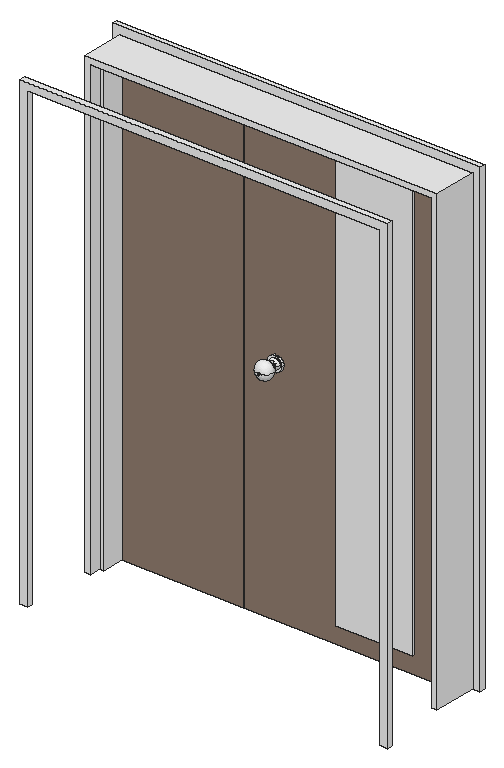
Revit family
Parameters (values of type "900x2100")
  swing_angle [instance] = 90.00°
  decoration_material = Metal_door_frame
  Seond_door_panel_width = Second_door_width - 25 mm  # 575 mm
  Second_door_width = 600 mm
  Panel_Material = Panel_Door_frame
  Handel_Material = Metal_door_frame
  Frame_material = Metal_door_frame
  Frame Projection Ext. = 25 mm
  Frame Projection Int. = 25 mm
  Frame Width = 35 mm
  Height = 2100 mm
  Wall Closure = (empty or 0)
  Width = 1600 mm
  Door_Panel_Width = Width - (Second_door_width) - 25 mm  # 975 mm
  Assembly Code = ""
Types (3, lengths in mm): name | decoration_material | Panel_Material | Handel_Material | Frame_material | Width | Door_Panel_Width
  1000x2100 | none | none | none | none | 1000 | 375
  900x2100 | Metal_door_frame | Panel_Door_frame | Metal_door_frame | Metal_door_frame | 1600 | 975
  1600x2100 | Metal_door_frame | Panel_Door_frame | Metal_door_frame | Metal_door_frame | 1600 | 975
Reference planes
  plane 1: y = 0
  plane 2 "Center (Left/Right)": x = 0
  plane 3 "Left": x = -800
  plane 4 "Right": x = 800
  plane 5: z = 2100
  plane 6 "Exterior": y = 250
  plane 7 "Interior": y = -250
  plane 8 "handle": z = 1050
  plane 9: x = -200
Forms (mm)
  Extrusion 1, solid, material "Metal_door_frame" <- "Frame_material"
    sketch origin (-3050, -250, 0) x (1, 0, 0) y (0, 0, 1)
      loop
        line (2215, 0) -> (2250, 0) -> (2250, 2100) -> (3850, 2100) -> (3850, 0) -> (3885, 0) -> (3885, 2135) -> (2215, 2135) -> (2215, 0)
    from 0 to 25
  Extrusion 2, solid, material "Metal_door_frame" <- "Frame_material"
    sketch origin (-3050, 250, 0) x (-1, 0, 0) y (0, 0, 1)
      loop
        line (-2250, 0) -> (-2215, 0) -> (-2215, 2135) -> (-3885, 2135) -> (-3885, 0) -> (-3850, 0) -> (-3850, 2100) -> (-2250, 2100) -> (-2250, 0)
    from 0 to 25
  Sweep 3, solid, material "Metal_door_frame" <- "Frame_material"
    path origin (0, 250, 0) x (1, 0, 0) y (0, 0, 1)
      loop
        line (800, 0) -> (800, 2100) -> (-800, 2100) -> (-800, 0)
    profile origin (800, 250, 1050) x (-1, 0, 0) y (0, -1, 0)
      loop
        line (45, 50) -> (45, 150) -> (25, 150) -> (25, 200) -> (0, 200) -> (0, 0) -> (25, 0) -> (25, 50) -> (45, 50)
  Extrusion 4, solid, material "Panel_Door_frame" <- "Panel_Material"
    sketch origin (-15, 250, 0) x (1, 0, 0) y (0, 0, 1)
      loop
        line (790, 2075) -> (-185, 2075) -> (-185, 0) -> (790, 0) -> (790, 2075)
    from 0 to 50
  Revolve 5, solid, material "Metal_door_frame" <- "Handel_Material"
    sketch origin (0, 0, 1050) x (1, 0, 0) y (0, 1, 0)
      loop
        line (-82.708, 250) -> (-50, 250) -> (-50, 344.095) -> (-57.578, 344.095) -> (-57.578, 349.095)
        arc (-57.578, 349.095) -> (-87.578, 319.095) -> (-57.578, 289.095) r 30
        line (-57.578, 289.095) -> (-57.578, 274.095) -> (-67.578, 274.095) -> (-72.708, 260) -> (-82.708, 260) -> (-82.708, 250)
      loop
        line (-82.708, 200) -> (-82.708, 190) -> (-72.708, 190) -> (-67.578, 175.905) -> (-57.578, 175.905) -> (-57.578, 160.905)
        arc (-57.578, 160.905) -> (-87.578, 130.905) -> (-57.578, 100.905) r 30
        line (-57.578, 100.905) -> (-57.578, 105.905) -> (-50, 105.905) -> (-50, 200) -> (-82.708, 200)
      axis (-50, 349.095) -> (-50, 100.905)
    angle from 0 to 360
  Extrusion 6, solid, material "Metal_door_frame" <- "decoration_material"
    sketch origin (0, 250, 0) x (1, 0, 0) y (0, 0, 1)
      loop
        line (225, 1995) -> (225, 80) -> (575, 80) -> (575, 1995) -> (225, 1995)
    from 0 to -5
  Extrusion 7, solid, material "Metal_door_frame" <- "decoration_material"
    sketch origin (0, 50, 0) x (1, 0, 0) y (0, 0, -1)
      loop
        line (225, -1995) -> (575, -1995) -> (575, -80) -> (225, -80) -> (225, -1995)
    from 150 to 145
  Extrusion 8, solid, material "Panel_Door_frame" <- "Panel_Material"
    sketch origin (0, 250, 0) x (1, 0, 0) y (0, 0, 1)
      loop
        line (-200, 2075) -> (-775, 2075) -> (-775, 0) -> (-200, 0) -> (-200, 2075)
    from 0 to 50
Lines and regions (mm)
  Opening 1
    outline origin (-3050, -250, 0) x (1, 0, 0) y (0, 0, 1)
      loop
        line (2250, 0) -> (3850, 0) -> (3850, 2100) -> (2250, 2100) -> (2250, 0)
  symbolic lines, style "Elevation Swing"
    curve 1: line (800, -250, 1050) -> (110.938, -250, 2100)
    curve 2: line (800, -250, 1050) -> (-800, -250, 0)
    curve 3: line (-800, 250, 0) -> (800, 250, 1050)
    curve 4: line (800, 250, 1050) -> (-800, 250, 3488.095)
  symbolic lines, style "Plan Swing"
    curve 5: line (725, 1225, 0) -> (725, 250, 0)
    curve 6: line (775, 1225, 0) -> (725, 1225, 0)
    curve 7: line (775, 250, 0) -> (775, 1225, 0)
    curve 8: line (725, 250, 0) -> (775, 250, 0)
    curve 9: arc (775, 1225, 0) -> (85.571, 939.429, 0) -> (-200, 250, 0) r 975
    curve 10: line (-775, 250, 0) -> (-725, 250, 0)
    curve 11: line (-775, 825, 0) -> (-775, 250, 0)
    curve 12: line (-725, 825, 0) -> (-775, 825, 0)
    curve 13: line (-725, 250, 0) -> (-725, 825, 0)
    curve 14: arc (-775, 825, 0) -> (-368.414, 656.586, 0) -> (-200, 250, 0) r 575
Text (mm)
  text "Exterior" at (-2295.016, 1099.543, 0), in view "Ref. Level"
  text "Exterior" at (0, 1615.38, 3698.081), in view "Left"
  text "Exterior" at (0, 1036.032, 3874.932), in view "Right"
Dimensions and locks
  equal spacing: plane 3 "Left", plane 2 "Center (Left/Right)", plane 4 "Right"
  "Width": plane 3 "Left" to plane 4 "Right"
  "Height": plane 5 to host wall
  equal spacing: host wall, curve 2, plane 5
  equal spacing: host wall, curve 4, plane 5
  "Frame Projection Ext.": Extrusion 2 to Extrusion 2
  "Frame Projection Int.": Extrusion 1 to Extrusion 1
  "Frame Width": plane 3 "Left" to Extrusion 1 sketch curve
  "Frame Width": plane 4 "Right" to Extrusion 1 sketch curve
  "Frame Width": Extrusion 1 sketch curve to plane 5
  "Frame Width": plane 4 "Right" to Extrusion 2 sketch curve
  "Frame Width": plane 3 "Left" to Extrusion 2 sketch curve
  "Frame Width": plane 5 to Extrusion 2 sketch curve
  locked: plane 6 "Exterior" to host wall at 0
  locked: plane 7 "Interior" to host wall
  locked: Sweep 3 sketch curve to Sweep 3 sketch curve at 200
  locked: Sweep 3 sketch curve to Sweep 3 sketch curve at 50
  locked: Sweep 3 sketch curve to Sweep 3 sketch curve at 100
  locked: curve 5 to curve 7 at 50
  "Door_Panel_Width": curve 8 to curve 6
  level to plane 5 = 2100 mm
  equal spacing: level, plane 8 "handle", plane 5
  locked: Extrusion 6 sketch curve to Extrusion 4 at 80
  locked: Extrusion 4 to Extrusion 6 sketch curve at 200
  locked: Extrusion 4 to Extrusion 6 sketch curve at 80
  locked: Extrusion 6 sketch curve to Extrusion 6 sketch curve at 350
  locked: Extrusion 7 sketch curve to Extrusion 7 sketch curve at 350
  locked: Extrusion 6 to Extrusion 4 at 5
  locked: Extrusion 7 to Extrusion 7 at 5
  "Second_door_width": plane 3 "Left" to plane 9
  locked: plane 9 to Revolve 5 sketch curve at 150
  locked: curve 11 to curve 13 at 50
  "Seond_door_panel_width": plane 6 "Exterior" to curve 12
  aligned and locked: plane 3 "Left" to Opening 1 sketch curve
  aligned and locked: plane 5 to Opening 1 sketch curve  (x2)
  aligned and locked: Opening 1 sketch curve to plane 4 "Right"
  aligned and locked: Opening 1 sketch curve to level
  aligned and locked: level to Extrusion 1 sketch curve
  aligned and locked: plane 5 to Extrusion 1 sketch curve  (x2)
  aligned and locked: Extrusion 1 sketch curve to plane 4 "Right"
  aligned and locked: plane 3 "Left" to Extrusion 1 sketch curve
  aligned and locked: plane 3 "Left" to Extrusion 2 sketch curve
  aligned and locked: plane 5 to Extrusion 2 sketch curve  (x2)
  aligned and locked: level to Extrusion 2 sketch curve
  aligned and locked: plane 5 to curve 1
  aligned and locked: plane 3 "Left" to curve 2
  aligned and locked: plane 1 to host wall
  aligned and locked: Extrusion 4 to plane 6 "Exterior"
  aligned and locked: Extrusion 6 to Extrusion 4
  aligned and locked: Extrusion 7 to Extrusion 4
  aligned and locked: Extrusion 6 to Extrusion 7
  aligned and locked: Revolve 5 sketch curve to Extrusion 4
  aligned and locked: Sweep 3 to Extrusion 4
  aligned and locked: Extrusion 4 to plane 9
  aligned and locked: Revolve 5 sketch curve to Revolve 5 sketch curve  (x2)
  aligned and locked: Extrusion 4 to Extrusion 8 sketch curve
  aligned and locked: Extrusion 8 sketch curve to Sweep 3  (x2)
  aligned and locked: Extrusion 8 sketch curve to Extrusion 4
  aligned and locked: Extrusion 8 sketch curve to plane 9
Automatic sketch dimensions
  curve 4 to plane 3 "Left" = 0 mm
  curve 3 to level = 0 mm
  curve 2 to level = 0 mm
  curve 3 to plane 3 "Left" = 0 mm
  curve 3 to plane 4 "Right" = 0 mm
  curve 2 to plane 4 "Right" = 0 mm
  Extrusion 1 sketch curve to level = 0 mm
  Extrusion 2 sketch curve to plane 4 "Right" = 0 mm
  Extrusion 2 sketch curve to level = 0 mm
  Sweep 3 sketch curve to plane 3 "Left" = 0 mm
  Sweep 3 sketch curve to plane 4 "Right" = 0 mm
  Sweep 3 sketch curve to level = 0 mm  (x2)
  Sweep 3 sketch curve to plane 5 = 0 mm
  Sweep 3 sketch curve to plane 6 "Exterior" = 0 mm
  Sweep 3 sketch curve to profile plane = 0 mm
  Sweep 3 sketch curve to Sweep 3 sketch curve = 25 mm  (x2)
  Sweep 3 sketch curve to Sweep 3 sketch curve = 20 mm
  Extrusion 4 sketch curve to level = 0 mm
  Extrusion 4 sketch curve to plane 3 "Left" = 600 mm
  plane 4 "Right" to Extrusion 4 sketch curve = 25 mm
  plane 5 to Extrusion 4 sketch curve = 25 mm
  plane 2 "Center (Left/Right)" to Extrusion 7 sketch curve = 225 mm
  plane 5 to Extrusion 7 sketch curve = 105 mm
  level to Extrusion 7 sketch curve = 80 mm
  Revolve 5 sketch curve to host wall = 0 mm
  host wall to Revolve 5 sketch curve = 24.095 mm
  Revolve 5 sketch curve to Revolve 5 sketch curve = 10 mm  (x5)
  Revolve 5 sketch curve to Revolve 5 sketch curve = 5.13 mm  (x2)
  Revolve 5 sketch curve to Revolve 5 sketch curve = 22.708 mm
  Revolve 5 sketch curve to Revolve 5 sketch curve = 7.578 mm
  Revolve 5 sketch curve to Revolve 5 sketch curve = 25 mm
  Revolve 5 sketch curve to Revolve 5 sketch curve = 5 mm  (x2)
  host wall to Revolve 5 sketch curve = 171.598 mm
  Revolve 5 sketch curve to Revolve 5 sketch curve = 15 mm  (x2)
  Revolve 5 sketch curve to Revolve 5 sketch curve = 14.095 mm
  host wall to Revolve 5 sketch curve = 10 mm
  Revolve 5 sketch curve to Revolve 5 sketch curve = 30 mm
  Revolve 5 sketch curve to Revolve 5 sketch curve = 164.306 mm
  curve 10 to host wall = 0 mm
  curve 9 to host wall = 0 mm
  curve 9 to plane 9 = 0 mm
  curve 14 to plane 9 = 0 mm
  curve 5 to host wall = 0 mm
